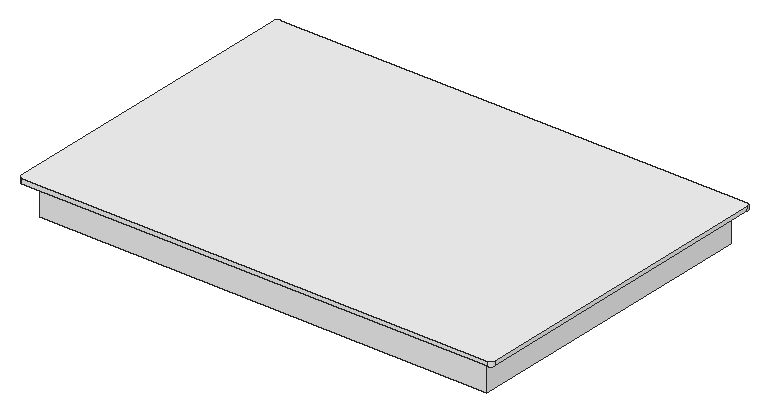
Revit family "Qf_Summit_SINC4B302W_30 inches 208-240V 4-Zone Induction Cooktop", category Specialty Equipment, Revit 2020
Family settings
  Round Connector Dimension = Use Diameter
  Part Type = Normal
  Work Plane-Based = No
  Always vertical = Yes
  Cut with Voids When Loaded = No
  Shared = No
  Room Calculation Point = No
Parameters
  Weight in Pounds = 30
  Watts = FL Amps * Volts  # 7200 W
  Volts = 240 V
  URL Cutsheet = ""
  Specification by User = ""
  Specification by Manufacturer = ""
  Show Clearance [instance] = yes
  Serial Number = ""
  Seismic Rating = ""
  SMACNA No = ""
  Revision Code = ""
  Phase = 1
  Number of Poles = 1
  NAFEM Spec ID Number = ""
  Model = "SINC4B302W"
  Min Ckt Ampacity = 0 A
  Max Overcurrent Protection = 0 A
  Masterspec = ""
  Manufacturer = "Summit"
  Length = 30"
  Item Number = ""
  Installed By = ""
  Identify Quantity as Lot = yes
  Height = 2"
  HP = ""
  Furnished By = ""
  Foodservice Equipment Identifier = yes
  FL Amps = 30 A
  Electrical Remarks = ""
  Electric Connection Type = ""
  Elec Conn RI Height = 0"
  Elec Conn Connection Height = 0"
  Description = "30\" Wide 208-240V 4-Zone Induction Cooktop"
  Depth = 20 1/2"
  Default Elevation = 0"
  Cycle = 60 Hz
  Conn Plug = ""
  Conn Conduit = yes
  CSI MasterFormat = ""
  Apparent Power = 828 VA
Reference planes (in)
  plane 1: z = 0
  plane 2 "LEFT": x = 0
  plane 3 "RIGHT": x = 30
  plane 4 "FRONT": y = -21.25
  plane 5 "TOP": z = 2
  plane 6 "Center Y": x = 15
  plane 7 "Center X": y = -11
  plane 8 "BACK": y = -0.75
  plane 9: z = 2.25
  plane 10: y = -1.3125
  plane 11: y = -20.5625
  plane 12: x = 29.625
  plane 13: x = 0.625
Forms (in)
  Extrusion 1, solid, material "QF_Plastic_White_Smooth"
    sketch origin (0, 0, 0) x (1, 0, 0) y (0, 1, 0)
      loop
        line (0, -1) -> (0, -20.9375)
        arc (0, -20.9375) -> (0.06782, -21.13949) -> (0.25, -21.25) r 0.31002
        line (0.25, -21.25) -> (29.75, -21.25)
        arc (29.75, -21.25) -> (29.93218, -21.13949) -> (30, -20.9375) r 0.31002
        line (30, -20.9375) -> (30, -1)
        arc (30, -1) -> (29.92678, -0.82322) -> (29.75, -0.75) r 0.25
        line (29.75, -0.75) -> (0.25, -0.75)
        arc (0.25, -0.75) -> (0.07322, -0.82322) -> (0, -1) r 0.25
    from 2 to 2.25
  Extrusion 2, solid, material "QF_Plastic_White_Smooth"
    sketch origin (0, 0, 0) x (1, 0, 0) y (0, 1, 0)
      loop
        line (0.8125, -20.5625) -> (29.1875, -20.5625) -> (29.1875, -1.3125) -> (0.8125, -1.3125) -> (0.8125, -20.5625)
    from 0 to 2
  Extrusion 3, solid, material "QF_Plastic_White_Smooth"
    sketch origin (1.75, -19.5, 18.75) x (1, 0, 0) y (0, 0, 1)
      loop
        circle (13.25, -17.80912) r 0.25
    from -18.75 to -18.1875
Cuts and joins
  joined: Extrusion 2, Extrusion 3
Lines and regions (in)
  Split face 1
    outline origin (1.25, 0, 2.25) x (1, 0, 0) y (0, 1, 0)
      loop
        circle (6, -13.75) r 4.125
  Split face 2
    outline origin (10, 7.46819, 2.25) x (1, 0, 0) y (0, 1, 0)
      loop
        circle (12.75, -13.75) r 4.125
  Split face 3
    outline origin (10, -1.375, 2.25) x (1, 0, 0) y (0, 1, 0)
      loop
        circle (12.75, -13.375) r 3.125
  Split face 4
    outline origin (1.25, 8.125, 2.25) x (1, 0, 0) y (0, 1, 0)
      loop
        circle (6, -13.375) r 3.125
  Split face 5
    outline origin (-0.24681, -0.05918, 2.25) x (1, 0, 0) y (0, 1, 0)
      loop
        arc (1.46084, -1.96656) -> (1.33611, -1.99586) -> (1.21257, -2.02981) r 3.41796
        line (1.21257, -2.02981) -> (1.21257, -2.25177)
        arc (1.21257, -2.25177) -> (1.29303, -2.28553) -> (1.37512, -2.31512) r 1.69989
        arc (1.37512, -2.31512) -> (1.29445, -2.31552) -> (1.21378, -2.31581) r 56.83919
        arc (1.21378, -2.31581) -> (1.21298, -2.38844) -> (1.21297, -2.46107) r 6.69198
        arc (1.21297, -2.46107) -> (1.33682, -2.46166) -> (1.46067, -2.46155) r 22.00507
        arc (1.46067, -2.46155) -> (1.46144, -2.31385) -> (1.46184, -2.16615) r 57.82097
        arc (1.46184, -2.16615) -> (1.38954, -2.16643) -> (1.31724, -2.16748) r 6.80227
        line (1.31724, -2.16748) -> (1.4612, -2.10932)
        arc (1.4612, -2.10932) -> (1.46177, -2.03794) -> (1.46084, -1.96656) r 3.38174
  Split face 6
    outline origin (1.23704, 0.08205, 2.25) x (1, 0, 0) y (0, 1, 0)
      loop
        line (1.2612, -2.08344) -> (1.2612, -2.60308)
        arc (1.2612, -2.60308) -> (1.32479, -2.60343) -> (1.38839, -2.60265) r 3.58564
        arc (1.38839, -2.60265) -> (1.38862, -2.33138) -> (1.38902, -2.0601) r 439.59498
        arc (1.38902, -2.0601) -> (1.32546, -2.04384) -> (1.26173, -2.02822) r 6.58774
        arc (1.26173, -2.02822) -> (1.26137, -2.05583) -> (1.2612, -2.08344) r 4.03767
  Split face 7
    outline origin (1.77412, 0.08205, 2.25) x (1, 0, 0) y (0, 1, 0)
      loop
        arc (0.90317, -2.07337) -> (0.90314, -2.1399) -> (0.90316, -2.20643) r 115.54921
        line (0.90316, -2.20643) -> (1.02491, -2.23791) -> (1.02559, -2.603) -> (1.15226, -2.60321) -> (1.15226, -2.43703) -> (1.15226, -2.27084) -> (1.27836, -2.30322)
        arc (1.27836, -2.30322) -> (1.27831, -2.23712) -> (1.27838, -2.17101) r 35.6603
        arc (1.27838, -2.17101) -> (1.0906, -2.12286) -> (0.90317, -2.07337) r 27.07295
  Split face 8
    outline origin (1.25, 0, 2.25) x (1, 0, 0) y (0, 1, 0)
      loop
        circle (6, -5.25) r 3.07495
  Split face 9
    outline origin (10, -9.5, 2.25) x (1, 0, 0) y (0, 1, 0)
      loop
        circle (12.75, -5.25) r 2.88432
  Split face 10
    outline origin (-1.5, 0, 2.25) x (1, 0, 0) y (0, 1, 0)
      loop
        circle (24.25, -6.25) r 4.07036
  Split face 11
    outline origin (-10.25, -7.46819, 2.25) x (1, 0, 0) y (0, 1, 0)
      loop
        circle (17.5, -6.25) r 3.8775
  Split face 12
    outline origin (10, -9.5, 2.25) x (1, 0, 0) y (0, 1, 0)
      loop
        circle (12.75, -5.25) r 3.07495
  Split face 13
    outline origin (1.25, 0, 2.25) x (1, 0, 0) y (0, 1, 0)
      loop
        circle (6, -5.25) r 2.9375
  Split face 14
    outline origin (10, -9.5, 2.25) x (1, 0, 0) y (0, 1, 0)
      loop
        circle (12.75, -5.25) r 2.9375
  Split face 15
    outline origin (1.25, 0, 2.25) x (1, 0, 0) y (0, 1, 0)
      loop
        circle (6, -5.25) r 2.88432
  Split face 16
    outline origin (-10.25, -7.5, 2.25) x (1, 0, 0) y (0, 1, 0)
      loop
        circle (17.5, -6.25) r 4.07036
  Split face 17
    outline origin (-1.5, 0, 2.25) x (1, 0, 0) y (0, 1, 0)
      loop
        circle (24.25, -6.25) r 3.81335
  Split face 18
    outline origin (-10.25, -7.5, 2.25) x (1, 0, 0) y (0, 1, 0)
      loop
        circle (17.5, -6.25) r 3.81335
  Split face 19
    outline origin (-1.5, 0.03181, 2.25) x (1, 0, 0) y (0, 1, 0)
      loop
        circle (24.25, -6.25) r 3.8775
  Split face 20
    outline origin (5.12177, 0.99615, 2.25) x (1, 0, 0) y (0, 1, 0)
      loop
        circle (7.5, -19.75) r 0.375
  Split face 21
    outline origin (1.88001, 1.03137, 2.25) x (1, 0, 0) y (0, 1, 0)
      loop
        circle (14.25, -19.75) r 0.375
  Split face 22
    outline origin (3.75, 0, 2.25) x (1, 0, 0) y (0, 1, 0)
      loop
        circle (14.25, -19.75) r 0.375
  Split face 23
    outline origin (4.75, 0, 2.25) x (1, 0, 0) y (0, 1, 0)
      loop
        circle (14.25, -19.75) r 0.375
  Split face 24
    outline origin (5.65298, 0, 2.25) x (1, 0, 0) y (0, 1, 0)
      loop
        circle (13.34702, -19.75) r 0.21256
  Split face 25
    outline origin (4.65298, 0, 2.25) x (1, 0, 0) y (0, 1, 0)
      loop
        circle (13.34702, -19.75) r 0.34194
  Split face 26
    outline origin (17.93326, 1.24215, 2.25) x (0, 1, 0) y (-1, 0, 0)
      loop
        circle (-19.85939, 5.45621) r 0.14044
  Split face 27
    outline origin (17.29383, 1.24215, 2.25) x (0, 1, 0) y (-1, 0, 0)
      loop
        circle (-19.85987, 4.81773) r 0.13153
  Split face 28
    outline origin (17.54915, 1.52122, 2.25) x (0, 1, 0) y (-1, 0, 0)
      loop
        circle (-20.27405, 4.92738) r 0.36076
  Split face 29
    outline origin (4.06852, 1.27737, 2.25) x (1, 0, 0) y (0, 1, 0)
      loop
        circle (12.20621, -19.85939) r 0.14044
  Split face 30
    outline origin (4.70795, 1.27737, 2.25) x (1, 0, 0) y (0, 1, 0)
      loop
        circle (11.56773, -19.85987) r 0.13153
  Split face 31
    outline origin (4.45263, 1.55644, 2.25) x (1, 0, 0) y (0, 1, 0)
      loop
        circle (11.67738, -20.27405) r 0.36076
  Split face 32
    outline origin (4.60819, 0.8548, 2.25) x (1, 0, 0) y (0, 1, 0)
      loop
        circle (13.39074, -20.60504) r 0.33037
  Split face 33
    outline origin (3.88715, 1.25448, 2.25) x (1, 0, 0) y (0, 1, 0)
      loop
        circle (14.11178, -21.00472) r 0.36442
  Split face 34
    outline origin (5.60819, 0.8548, 2.25) x (1, 0, 0) y (0, 1, 0)
      loop
        circle (13.39074, -20.60504) r 0.23196
  Split face 35
    outline origin (4.88715, 1.25448, 2.25) x (1, 0, 0) y (0, 1, 0)
      loop
        circle (14.11178, -21.00472) r 0.36024
  Split face 36
    outline origin (4.5, 0, 2.25) x (1, 0, 0) y (0, 1, 0)
      loop
        circle (7.5, -19.75) r 0.375
  Split face 37
    outline origin (5.40298, 0, 2.25) x (1, 0, 0) y (0, 1, 0)
      loop
        circle (6.59702, -19.75) r 0.34194
  Split face 38
    outline origin (5.35819, 0.8548, 2.25) x (1, 0, 0) y (0, 1, 0)
      loop
        circle (6.64074, -20.60504) r 0.33037
  Split face 39
    outline origin (4.63715, 1.25448, 2.25) x (1, 0, 0) y (0, 1, 0)
      loop
        circle (7.36178, -21.00472) r 0.36442
  Split face 40
    outline origin (3.5, 0, 2.25) x (1, 0, 0) y (0, 1, 0)
      loop
        circle (7.5, -19.75) r 0.375
  Split face 41
    outline origin (4.40298, 0, 2.25) x (1, 0, 0) y (0, 1, 0)
      loop
        circle (6.59702, -19.75) r 0.34194
  Split face 42
    outline origin (4.35819, 0.8548, 2.25) x (1, 0, 0) y (0, 1, 0)
      loop
        circle (6.64074, -20.60504) r 0.33037
  Split face 43
    outline origin (3.63715, 1.25448, 2.25) x (1, 0, 0) y (0, 1, 0)
      loop
        circle (7.36178, -21.00472) r 0.36442
  Split face 44
    outline origin (3.13001, 1.00012, 2.25) x (1, 0, 0) y (0, 1, 0)
      loop
        circle (14.25, -19.75) r 0.375
  Split face 45
    outline origin (5.30432, 0.95258, 2.25) x (1, 0, 0) y (0, 1, 0)
      loop
        circle (12.20621, -19.85939) r 0.14044
  Split face 46
    outline origin (5.94374, 0.95258, 2.25) x (1, 0, 0) y (0, 1, 0)
      loop
        circle (11.56773, -19.85987) r 0.13153
  Split face 47
    outline origin (5.70263, 1.52519, 2.25) x (1, 0, 0) y (0, 1, 0)
      loop
        circle (11.67738, -20.27405) r 0.36076
  Split face 48
    outline origin (-0.61999, 1.00012, 2.25) x (1, 0, 0) y (0, 1, 0)
      loop
        circle (14.5, -19.75) r 0.375
  Split face 49
    outline origin (1.27437, 0.95669, 2.25) x (1, 0, 0) y (0, 1, 0)
      loop
        circle (12.45621, -19.85939) r 0.14044
  Split face 50
    outline origin (1.91379, 0.95669, 2.25) x (1, 0, 0) y (0, 1, 0)
      loop
        circle (11.81773, -19.85987) r 0.13153
  Split face 51
    outline origin (1.95263, 1.52519, 2.25) x (1, 0, 0) y (0, 1, 0)
      loop
        circle (11.92738, -20.27405) r 0.36076
  Split face 52
    outline origin (0.09293, 0.14201, 2.25) x (1, 0, 0) y (0, 1, 0)
      loop
        arc (1.45035, -2.08743) -> (1.39004, -2.1026) -> (1.3299, -2.11842) r 5.81974
        arc (1.3299, -2.11842) -> (1.33022, -2.30502) -> (1.32981, -2.49161) r 48.29115
        arc (1.32981, -2.49161) -> (1.32823, -2.52252) -> (1.31089, -2.54816) r 0.05762
        arc (1.31089, -2.54816) -> (1.29306, -2.52079) -> (1.2934, -2.48813) r 0.05637
        arc (1.2934, -2.48813) -> (1.29083, -2.308) -> (1.29081, -2.12785) r 12.71544
        arc (1.29081, -2.12785) -> (1.23188, -2.14317) -> (1.17301, -2.15869) r 17.52104
        arc (1.17301, -2.15869) -> (1.17253, -2.41223) -> (1.17186, -2.66578) r 348.03451
        arc (1.17186, -2.66578) -> (1.30989, -2.66674) -> (1.44792, -2.66645) r 15.27091
        line (1.44792, -2.66645) -> (1.45035, -2.08743)
  Split face 53
    outline origin (0.44811, 0.23718, 2.25) x (1, 0, 0) y (0, 1, 0)
      loop
        line (1.14948, -2.17108) -> (1.14948, -2.76124) -> (1.25692, -2.76089)
        arc (1.25692, -2.76089) -> (1.25555, -2.68657) -> (1.26038, -2.61239) r 0.88988
        arc (1.26038, -2.61239) -> (1.29041, -2.68456) -> (1.30308, -2.76168) r 0.33829
        arc (1.30308, -2.76168) -> (1.34002, -2.7615) -> (1.37696, -2.76166) r 4.02643
        arc (1.37696, -2.76166) -> (1.39387, -2.66881) -> (1.41201, -2.57619) r 7.17478
        arc (1.41201, -2.57619) -> (1.4152, -2.55677) -> (1.42613, -2.5404) r 0.04662
        arc (1.42613, -2.5404) -> (1.43296, -2.56131) -> (1.43273, -2.5833) r 0.06776
        arc (1.43273, -2.5833) -> (1.43175, -2.67226) -> (1.43133, -2.76122) r 13.87596
        arc (1.43133, -2.76122) -> (1.48729, -2.76138) -> (1.54326, -2.76128) r 12.38941
        line (1.54326, -2.76128) -> (1.54282, -2.07044)
        arc (1.54282, -2.07044) -> (1.48195, -2.08655) -> (1.42074, -2.10133) r 2.87858
        arc (1.42074, -2.10133) -> (1.39325, -2.26302) -> (1.36415, -2.42442) r 16.38927
        arc (1.36415, -2.42442) -> (1.3606, -2.43973) -> (1.34965, -2.451) r 0.02931
        arc (1.34965, -2.451) -> (1.33301, -2.4222) -> (1.32658, -2.38957) r 0.10139
        arc (1.32658, -2.38957) -> (1.29574, -2.26571) -> (1.26551, -2.1417) r 25.67724
        arc (1.26551, -2.1417) -> (1.20754, -2.15659) -> (1.14948, -2.17108) r 9.01053
  Split face 54
    outline origin (0.87019, 0.42511, 2.25) x (1, 0, 0) y (0, 1, 0)
      loop
        line (1.17617, -2.25841) -> (1.17564, -2.9492)
        arc (1.17564, -2.9492) -> (1.23161, -2.9493) -> (1.28758, -2.94915) r 12.39444
        arc (1.28758, -2.94915) -> (1.28714, -2.86011) -> (1.28613, -2.77107) r 14.11448
        arc (1.28613, -2.77107) -> (1.28597, -2.74915) -> (1.29279, -2.72833) r 0.06789
        arc (1.29279, -2.72833) -> (1.30373, -2.74472) -> (1.30691, -2.76416) r 0.04659
        arc (1.30691, -2.76416) -> (1.32503, -2.85676) -> (1.34194, -2.94959) r 7.24307
        arc (1.34194, -2.94959) -> (1.3789, -2.94943) -> (1.41586, -2.94961) r 4.02906
        arc (1.41586, -2.94961) -> (1.42852, -2.87248) -> (1.45855, -2.80032) r 0.3379
        arc (1.45855, -2.80032) -> (1.46336, -2.8745) -> (1.462, -2.94882) r 0.89684
        line (1.462, -2.94882) -> (1.56939, -2.94917) -> (1.56939, -2.35901)
        arc (1.56939, -2.35901) -> (1.51223, -2.34472) -> (1.45516, -2.33007) r 9.14137
        arc (1.45516, -2.33007) -> (1.42403, -2.45748) -> (1.39227, -2.58473) r 26.57935
        arc (1.39227, -2.58473) -> (1.38486, -2.61393) -> (1.3692, -2.63966) r 0.10137
        arc (1.3692, -2.63966) -> (1.35673, -2.62591) -> (1.35478, -2.60745) r 0.0299
        arc (1.35478, -2.60745) -> (1.32565, -2.44852) -> (1.29816, -2.2893) r 15.75488
        arc (1.29816, -2.2893) -> (1.23701, -2.27445) -> (1.17617, -2.25841) r 3.23537
  symbolic lines
    curve 1: line (0, -1, 0) -> (0, -20.9375, 0)
    curve 2: arc (0, -20.9375, 0) -> (0.06782, -21.13949, 0) -> (0.25, -21.25, 0) r 0.31002
    curve 3: line (0.25, -21.25, 0) -> (29.75, -21.25, 0)
    curve 4: arc (29.75, -21.25, 0) -> (29.93218, -21.13949, 0) -> (30, -20.9375, 0) r 0.31002
    curve 5: line (30, -20.9375, 0) -> (30, -1, 0)
    curve 6: arc (30, -1, 0) -> (29.92678, -0.82322, 0) -> (29.75, -0.75, 0) r 0.25
    curve 7: line (29.75, -0.75, 0) -> (0.25, -0.75, 0)
    curve 8: arc (0.25, -0.75, 0) -> (0.07322, -0.82322, 0) -> (0, -1, 0) r 0.25
    curve 9: arc (1.21439, -2.1685, 0) -> (1.21496, -2.09712, 0) -> (1.21403, -2.02574, 0) r 3.38174
    curve 10: arc (1.21403, -2.02574, 0) -> (1.0893, -2.05504, 0) -> (0.96576, -2.08899, 0) r 3.41796
    curve 11: line (0.96576, -2.08899, 0) -> (0.96576, -2.31095, 0)
    curve 12: arc (0.96576, -2.31095, 0) -> (1.04622, -2.34471, 0) -> (1.1283, -2.3743, 0) r 1.69989
    curve 13: arc (1.1283, -2.3743, 0) -> (1.04764, -2.3747, 0) -> (0.96697, -2.37499, 0) r 56.83919
    curve 14: arc (0.96697, -2.37499, 0) -> (0.96617, -2.44762, 0) -> (0.96616, -2.52025, 0) r 6.69198
    curve 15: arc (0.96616, -2.52025, 0) -> (1.09001, -2.52084, 0) -> (1.21386, -2.52073, 0) r 22.00507
    curve 16: arc (1.21386, -2.52073, 0) -> (1.21463, -2.37303, 0) -> (1.21503, -2.22533, 0) r 57.82097
    curve 17: arc (1.21503, -2.22533, 0) -> (1.14273, -2.22561, 0) -> (1.07043, -2.22666, 0) r 6.80227
    curve 18: line (1.07043, -2.22666, 0) -> (1.21439, -2.1685, 0)
    curve 19: arc (1.26479, -2.52377, 0) -> (1.26546, -2.27022, 0) -> (1.26594, -2.01667, 0) r 348.03451
    curve 20: arc (1.26594, -2.01667, 0) -> (1.32481, -2.00116, 0) -> (1.38374, -1.98584, 0) r 17.52104
    curve 21: arc (1.38374, -1.98584, 0) -> (1.38376, -2.16539, 0) -> (1.38633, -2.34492, 0) r 12.59044
    curve 22: arc (1.38633, -2.34492, 0) -> (1.38552, -2.37848, 0) -> (1.40382, -2.40663, 0) r 0.05674
    curve 23: arc (1.40382, -2.40663, 0) -> (1.42171, -2.38004, 0) -> (1.42274, -2.34801, 0) r 0.05799
    curve 24: arc (1.42274, -2.34801, 0) -> (1.42314, -2.16221, 0) -> (1.42282, -1.97641, 0) r 48.29115
    curve 25: arc (1.42282, -1.97641, 0) -> (1.48297, -1.96059, 0) -> (1.54328, -1.94542, 0) r 5.81974
    curve 26: line (1.54328, -1.94542, 0) -> (1.54085, -2.52444, 0)
    curve 27: arc (1.54085, -2.52444, 0) -> (1.40282, -2.52473, 0) -> (1.26479, -2.52377, 0) r 15.27091
    curve 28: line (1.59758, -1.9339, 0) -> (1.59758, -2.52406, 0)
    curve 29: line (1.59758, -2.52406, 0) -> (1.70502, -2.52371, 0)
    curve 30: arc (1.70502, -2.52371, 0) -> (1.70365, -2.44939, 0) -> (1.70849, -2.37521, 0) r 0.88988
    curve 31: arc (1.70849, -2.37521, 0) -> (1.73852, -2.44738, 0) -> (1.75118, -2.5245, 0) r 0.33829
    curve 32: arc (1.75118, -2.5245, 0) -> (1.78812, -2.52432, 0) -> (1.82507, -2.52448, 0) r 4.02643
    curve 33: arc (1.82507, -2.52448, 0) -> (1.84198, -2.43163, 0) -> (1.86011, -2.33901, 0) r 7.17478
    curve 34: arc (1.86011, -2.33901, 0) -> (1.86331, -2.31959, 0) -> (1.87423, -2.30322, 0) r 0.04662
    curve 35: arc (1.87423, -2.30322, 0) -> (1.88106, -2.32409, 0) -> (1.88085, -2.34604, 0) r 0.06776
    curve 36: arc (1.88085, -2.34604, 0) -> (1.87986, -2.43504, 0) -> (1.87944, -2.52404, 0) r 13.75096
    curve 37: arc (1.87944, -2.52404, 0) -> (1.9354, -2.5242, 0) -> (1.99136, -2.52409, 0) r 12.38941
    curve 38: line (1.99136, -2.52409, 0) -> (1.99092, -1.83326, 0)
    curve 39: arc (1.99092, -1.83326, 0) -> (1.93005, -1.84937, 0) -> (1.86884, -1.86415, 0) r 2.87858
    curve 40: arc (1.86884, -1.86415, 0) -> (1.84136, -2.02584, 0) -> (1.81226, -2.18724, 0) r 16.38927
    curve 41: arc (1.81226, -2.18724, 0) -> (1.80871, -2.20255, 0) -> (1.79776, -2.21382, 0) r 0.02931
    curve 42: arc (1.79776, -2.21382, 0) -> (1.78111, -2.18502, 0) -> (1.77469, -2.15239, 0) r 0.10139
    curve 43: arc (1.77469, -2.15239, 0) -> (1.74384, -2.02853, 0) -> (1.71361, -1.90452, 0) r 25.67724
    curve 44: arc (1.71361, -1.90452, 0) -> (1.65565, -1.9194, 0) -> (1.59758, -1.9339, 0) r 9.01053
    curve 45: line (2.04583, -2.52409, 0) -> (2.04636, -1.8333, 0)
    curve 46: arc (2.04636, -1.8333, 0) -> (2.10721, -1.84934, 0) -> (2.16835, -1.8642, 0) r 3.23537
    curve 47: arc (2.16835, -1.8642, 0) -> (2.19584, -2.02463, 0) -> (2.22497, -2.18477, 0) r 15.87817
    curve 48: arc (2.22497, -2.18477, 0) -> (2.22775, -2.2016, 0) -> (2.23939, -2.21408, 0) r 0.02948
    curve 49: arc (2.23939, -2.21408, 0) -> (2.25554, -2.18681, 0) -> (2.26246, -2.15587, 0) r 0.10107
    curve 50: arc (2.26246, -2.15587, 0) -> (2.29377, -2.03038, 0) -> (2.32447, -1.90474, 0) r 26.57843
    curve 51: arc (2.32447, -1.90474, 0) -> (2.38198, -1.91951, 0) -> (2.43958, -1.9339, 0) r 9.14137
    curve 52: line (2.43958, -1.9339, 0) -> (2.43958, -2.52406, 0)
    curve 53: line (2.43958, -2.52406, 0) -> (2.3322, -2.52371, 0)
    curve 54: arc (2.3322, -2.52371, 0) -> (2.33351, -2.44945, 0) -> (2.32868, -2.37533, 0) r 0.89681
    curve 55: arc (2.32868, -2.37533, 0) -> (2.29869, -2.44744, 0) -> (2.28606, -2.5245, 0) r 0.3379
    curve 56: arc (2.28606, -2.5245, 0) -> (2.2491, -2.52432, 0) -> (2.21213, -2.52448, 0) r 4.02906
    curve 57: arc (2.21213, -2.52448, 0) -> (2.19522, -2.43165, 0) -> (2.17711, -2.33905, 0) r 7.24307
    curve 58: arc (2.17711, -2.33905, 0) -> (2.17392, -2.31961, 0) -> (2.16298, -2.30322, 0) r 0.04659
    curve 59: arc (2.16298, -2.30322, 0) -> (2.15616, -2.32405, 0) -> (2.15633, -2.34596, 0) r 0.06789
    curve 60: arc (2.15633, -2.34596, 0) -> (2.15733, -2.435, 0) -> (2.15777, -2.52404, 0) r 14.11448
    curve 61: arc (2.15777, -2.52404, 0) -> (2.1018, -2.5242, 0) -> (2.04583, -2.52409, 0) r 12.39444
    curve 62: line (2.49824, -2.00139, 0) -> (2.49824, -2.52103, 0)
    curve 63: arc (2.49824, -2.52103, 0) -> (2.56183, -2.52138, 0) -> (2.62543, -2.5206, 0) r 3.58564
    curve 64: arc (2.62543, -2.5206, 0) -> (2.62566, -2.24932, 0) -> (2.62606, -1.97805, 0) r 439.59498
    curve 65: arc (2.62606, -1.97805, 0) -> (2.5625, -1.96179, 0) -> (2.49877, -1.94617, 0) r 6.58774
    curve 66: arc (2.49877, -1.94617, 0) -> (2.49841, -1.97378, 0) -> (2.49824, -2.00139, 0) r 4.03767
    curve 67: line (2.79903, -2.15586, 0) -> (2.7997, -2.52095, 0)
    curve 68: line (2.7997, -2.52095, 0) -> (2.92638, -2.52116, 0)
    curve 69: line (2.92638, -2.52116, 0) -> (2.92638, -2.35498, 0)
    curve 70: line (2.92638, -2.35498, 0) -> (2.92638, -2.18879, 0)
    curve 71: line (2.92638, -2.18879, 0) -> (3.05247, -2.22117, 0)
    curve 72: arc (3.05247, -2.22117, 0) -> (3.05242, -2.15417, 0) -> (3.0525, -2.08717, 0) r 35.6603
    curve 73: arc (3.0525, -2.08717, 0) -> (2.86472, -2.03992, 0) -> (2.67728, -1.99132, 0) r 27.04087
    curve 74: arc (2.67728, -1.99132, 0) -> (2.67726, -2.05785, 0) -> (2.67727, -2.12437, 0) r 115.54921
    curve 75: line (2.67727, -2.12437, 0) -> (2.79903, -2.15586, 0)
    curve 76: arc (10.13432, -5.25, 0) -> (7.25, -2.36568, 0) -> (4.36568, -5.25, 0) r 2.88432
    curve 77: arc (4.36568, -5.25, 0) -> (7.25, -8.13432, 0) -> (10.13432, -5.25, 0) r 2.88432
    curve 78: arc (10.32495, -5.25, 0) -> (7.25, -2.17505, 0) -> (4.17505, -5.25, 0) r 3.07495
    curve 79: arc (4.17505, -5.25, 0) -> (7.25, -8.32495, 0) -> (10.32495, -5.25, 0) r 3.07495
    curve 80: arc (4.125, -5.25, 0) -> (7.25, -2.125, 0) -> (10.375, -5.25, 0) r 3.125
    curve 81: arc (10.375, -5.25, 0) -> (7.25, -8.375, 0) -> (4.125, -5.25, 0) r 3.125
    curve 82: arc (4.3125, -5.25, 0) -> (7.25, -2.3125, 0) -> (10.1875, -5.25, 0) r 2.9375
    curve 83: arc (10.1875, -5.25, 0) -> (7.25, -8.1875, 0) -> (4.3125, -5.25, 0) r 2.9375
    curve 84: arc (3.43665, -13.75, 0) -> (7.25, -17.56335, 0) -> (11.06335, -13.75, 0) r 3.81335
    curve 85: arc (11.06335, -13.75, 0) -> (7.25, -9.93665, 0) -> (3.43665, -13.75, 0) r 3.81335
    curve 86: arc (11.1275, -13.71819, 0) -> (7.25, -17.59569, 0) -> (3.3725, -13.71819, 0) r 3.8775
    curve 87: arc (3.3725, -13.71819, 0) -> (7.25, -9.84069, 0) -> (11.1275, -13.71819, 0) r 3.8775
    curve 88: arc (3.125, -13.75, 0) -> (7.25, -17.875, 0) -> (11.375, -13.75, 0) r 4.125
    curve 89: arc (11.375, -13.75, 0) -> (7.25, -9.625, 0) -> (3.125, -13.75, 0) r 4.125
    curve 90: arc (3.17964, -13.75, 0) -> (7.25, -17.82036, 0) -> (11.32036, -13.75, 0) r 4.07036
    curve 91: arc (11.32036, -13.75, 0) -> (7.25, -9.67964, 0) -> (3.17964, -13.75, 0) r 4.07036
    curve 92: arc (25.875, -14.75, 0) -> (22.75, -17.875, 0) -> (19.625, -14.75, 0) r 3.125
    curve 93: arc (19.625, -14.75, 0) -> (22.75, -11.625, 0) -> (25.875, -14.75, 0) r 3.125
    curve 94: arc (19.67505, -14.75, 0) -> (22.75, -17.82495, 0) -> (25.82495, -14.75, 0) r 3.07495
    curve 95: arc (25.82495, -14.75, 0) -> (22.75, -11.67505, 0) -> (19.67505, -14.75, 0) r 3.07495
    curve 96: arc (25.6875, -14.75, 0) -> (22.75, -17.6875, 0) -> (19.8125, -14.75, 0) r 2.9375
    curve 97: arc (19.8125, -14.75, 0) -> (22.75, -11.8125, 0) -> (25.6875, -14.75, 0) r 2.9375
    curve 98: arc (19.86568, -14.75, 0) -> (22.75, -17.63432, 0) -> (25.63432, -14.75, 0) r 2.88432
    curve 99: arc (25.63432, -14.75, 0) -> (22.75, -11.86568, 0) -> (19.86568, -14.75, 0) r 2.88432
    curve 100: arc (26.875, -6.28181, 0) -> (22.75, -10.40681, 0) -> (18.625, -6.28181, 0) r 4.125
    curve 101: arc (18.625, -6.28181, 0) -> (22.75, -2.15681, 0) -> (26.875, -6.28181, 0) r 4.125
    curve 102: arc (18.67964, -6.25, 0) -> (22.75, -10.32036, 0) -> (26.82036, -6.25, 0) r 4.07036
    curve 103: arc (26.82036, -6.25, 0) -> (22.75, -2.17964, 0) -> (18.67964, -6.25, 0) r 4.07036
    curve 104: arc (26.56335, -6.25, 0) -> (22.75, -10.06335, 0) -> (18.93665, -6.25, 0) r 3.81335
    curve 105: arc (18.93665, -6.25, 0) -> (22.75, -2.43665, 0) -> (26.56335, -6.25, 0) r 3.81335
    curve 106: arc (26.6275, -6.21819, 0) -> (22.75, -10.09569, 0) -> (18.8725, -6.21819, 0) r 3.8775
    curve 107: arc (18.8725, -6.21819, 0) -> (22.75, -2.34069, 0) -> (26.6275, -6.21819, 0) r 3.8775
    curve 108: line (16.375, -19.39845, 0) -> (13.375, -19.63609, 0)
    curve 109: line (13.375, -19.63609, 0) -> (13.375, -19.75, 0)
    curve 110: line (13.375, -19.75, 0) -> (16.375, -19.75, 0)
    curve 111: line (16.375, -19.75, 0) -> (16.375, -19.39845, 0)
    curve 112: arc (10.65806, -19.75, 0) -> (11, -19.40806, 0) -> (11.34194, -19.75, 0) r 0.34194
    curve 113: arc (10.66856, -19.75024, 0) -> (10.99893, -20.08061, 0) -> (11.3293, -19.75024, 0) r 0.33037
    curve 114: arc (11.3293, -19.75024, 0) -> (10.99893, -19.41987, 0) -> (10.66856, -19.75024, 0) r 0.33037
    curve 115: arc (10.625, -19.75, 0) -> (11, -20.125, 0) -> (11.375, -19.75, 0) r 0.375
    curve 116: arc (11.375, -19.75, 0) -> (11, -19.375, 0) -> (10.625, -19.75, 0) r 0.375
    curve 117: arc (10.63451, -19.75024, 0) -> (10.99893, -20.11466, 0) -> (11.36334, -19.75024, 0) r 0.36442
    curve 118: arc (11.36334, -19.75024, 0) -> (10.99893, -19.38582, 0) -> (10.63451, -19.75024, 0) r 0.36442
    curve 119: arc (10.65806, -19.75, 0) -> (11, -20.09194, 0) -> (11.34194, -19.75, 0) r 0.34194
    curve 120: arc (12.375, -19.75, 0) -> (12, -20.125, 0) -> (11.625, -19.75, 0) r 0.375
    curve 121: arc (11.625, -19.75, 0) -> (12, -19.375, 0) -> (12.375, -19.75, 0) r 0.375
    curve 122: arc (12.34194, -19.75, 0) -> (12, -20.09194, 0) -> (11.65806, -19.75, 0) r 0.34194
    curve 123: arc (11.65806, -19.75, 0) -> (12, -19.40806, 0) -> (12.34194, -19.75, 0) r 0.34194
    curve 124: arc (11.63451, -19.75024, 0) -> (11.99893, -20.11466, 0) -> (12.36334, -19.75024, 0) r 0.36442
    curve 125: arc (12.36334, -19.75024, 0) -> (11.99893, -19.38582, 0) -> (11.63451, -19.75024, 0) r 0.36442
    curve 126: arc (11.66856, -19.75024, 0) -> (11.99893, -20.08061, 0) -> (12.3293, -19.75024, 0) r 0.33037
    curve 127: arc (12.3293, -19.75024, 0) -> (11.99893, -19.41987, 0) -> (11.66856, -19.75024, 0) r 0.33037
    curve 128: arc (12.47704, -18.4768, 0) -> (12.61749, -18.61725, 0) -> (12.47704, -18.75769, 0) r 0.14044
    curve 129: arc (12.47704, -18.75769, 0) -> (12.3366, -18.61725, 0) -> (12.47704, -18.4768, 0) r 0.14044
    curve 130: arc (12.4761, -18.74926, 0) -> (12.60764, -18.61772, 0) -> (12.4761, -18.48619, 0) r 0.13153
    curve 131: arc (12.4761, -18.48619, 0) -> (12.34457, -18.61772, 0) -> (12.4761, -18.74926, 0) r 0.13153
    curve 132: arc (12.62177, -19.11359, 0) -> (12.98253, -18.75283, 0) -> (12.62177, -18.39207, 0) r 0.36076
    curve 133: arc (12.62177, -18.39207, 0) -> (12.26101, -18.75283, 0) -> (12.62177, -19.11359, 0) r 0.36076
    curve 134: arc (12.24677, -18.75385, 0) -> (12.62177, -18.37885, 0) -> (12.99677, -18.75385, 0) r 0.375
    curve 135: arc (12.99677, -18.75385, 0) -> (12.62177, -19.12885, 0) -> (12.24677, -18.75385, 0) r 0.375
    curve 136: arc (13.86305, -18.90317, 0) -> (13.73152, -18.77164, 0) -> (13.59999, -18.90317, 0) r 0.13153
    curve 137: arc (13.59999, -18.90317, 0) -> (13.73152, -19.03471, 0) -> (13.86305, -18.90317, 0) r 0.13153
    curve 138: arc (13.59014, -18.9027, 0) -> (13.73058, -18.76225, 0) -> (13.87102, -18.9027, 0) r 0.14044
    curve 139: arc (13.87102, -18.9027, 0) -> (13.73058, -19.04314, 0) -> (13.59014, -18.9027, 0) r 0.14044
    curve 140: arc (13.51925, -18.74886, 0) -> (13.88001, -19.10962, 0) -> (14.24077, -18.74886, 0) r 0.36076
    curve 141: arc (14.24077, -18.74886, 0) -> (13.88001, -18.3881, 0) -> (13.51925, -18.74886, 0) r 0.36076
    curve 142: arc (14.25501, -18.74988, 0) -> (13.88001, -19.12488, 0) -> (13.50501, -18.74988, 0) r 0.375
    curve 143: arc (13.50501, -18.74988, 0) -> (13.88001, -18.37488, 0) -> (14.25501, -18.74988, 0) r 0.375
    curve 144: line (16.375, -19.39845, 0) -> (13.375, -19.63609, 0)
    curve 145: line (13.375, -19.63609, 0) -> (13.375, -19.75, 0)
    curve 146: line (13.375, -19.75, 0) -> (16.375, -19.75, 0)
    curve 147: line (16.375, -19.75, 0) -> (16.375, -19.39845, 0)
    curve 148: arc (16.49077, -18.71761, 0) -> (16.13001, -18.35685, 0) -> (15.76925, -18.71761, 0) r 0.36076
    curve 149: arc (15.76925, -18.71761, 0) -> (16.13001, -19.07837, 0) -> (16.49077, -18.71761, 0) r 0.36076
    curve 150: arc (15.75501, -18.71863, 0) -> (16.13001, -18.34363, 0) -> (16.50501, -18.71863, 0) r 0.375
    curve 151: arc (16.50501, -18.71863, 0) -> (16.13001, -19.09363, 0) -> (15.75501, -18.71863, 0) r 0.375
    curve 152: arc (16.41518, -18.58203, 0) -> (16.27474, -18.72247, 0) -> (16.13429, -18.58203, 0) r 0.14044
    curve 153: arc (16.13429, -18.58203, 0) -> (16.27474, -18.44158, 0) -> (16.41518, -18.58203, 0) r 0.14044
    curve 154: arc (16.14414, -18.5825, 0) -> (16.27568, -18.71404, 0) -> (16.40721, -18.5825, 0) r 0.13153
    curve 155: arc (16.40721, -18.5825, 0) -> (16.27568, -18.45097, 0) -> (16.14414, -18.5825, 0) r 0.13153
    curve 156: arc (17.01925, -18.74886, 0) -> (17.38001, -19.10962, 0) -> (17.74077, -18.74886, 0) r 0.36076
    curve 157: arc (17.74077, -18.74886, 0) -> (17.38001, -18.3881, 0) -> (17.01925, -18.74886, 0) r 0.36076
    curve 158: arc (17.75501, -18.74988, 0) -> (17.38001, -19.12488, 0) -> (17.00501, -18.74988, 0) r 0.375
    curve 159: arc (17.00501, -18.74988, 0) -> (17.38001, -18.37488, 0) -> (17.75501, -18.74988, 0) r 0.375
    curve 160: arc (17.64301, -18.90729, 0) -> (17.51147, -18.77576, 0) -> (17.37994, -18.90729, 0) r 0.13153
    curve 161: arc (17.37994, -18.90729, 0) -> (17.51147, -19.03882, 0) -> (17.64301, -18.90729, 0) r 0.13153
    curve 162: arc (17.37009, -18.90682, 0) -> (17.51053, -19.04726, 0) -> (17.65098, -18.90682, 0) r 0.14044
    curve 163: arc (17.65098, -18.90682, 0) -> (17.51053, -18.76637, 0) -> (17.37009, -18.90682, 0) r 0.14044
    curve 164: arc (18.3293, -19.75024, 0) -> (17.99893, -19.41987, 0) -> (17.66856, -19.75024, 0) r 0.33037
    curve 165: arc (17.66856, -19.75024, 0) -> (17.99893, -20.08061, 0) -> (18.3293, -19.75024, 0) r 0.33037
    curve 166: arc (17.65806, -19.75, 0) -> (18, -19.40806, 0) -> (18.34194, -19.75, 0) r 0.34194
    curve 167: arc (18.34194, -19.75, 0) -> (18, -20.09194, 0) -> (17.65806, -19.75, 0) r 0.34194
    curve 168: arc (17.625, -19.75, 0) -> (18, -19.375, 0) -> (18.375, -19.75, 0) r 0.375
    curve 169: arc (18.375, -19.75, 0) -> (18, -20.125, 0) -> (17.625, -19.75, 0) r 0.375
    curve 170: arc (18.36334, -19.75024, 0) -> (17.99893, -19.38582, 0) -> (17.63451, -19.75024, 0) r 0.36442
    curve 171: arc (17.63451, -19.75024, 0) -> (17.99893, -20.11466, 0) -> (18.36334, -19.75024, 0) r 0.36442
    curve 172: arc (19.35917, -19.75024, 0) -> (18.99893, -19.39, 0) -> (18.63869, -19.75024, 0) r 0.36024
    curve 173: arc (18.63869, -19.75024, 0) -> (18.99893, -20.11048, 0) -> (19.35917, -19.75024, 0) r 0.36024
    curve 174: arc (18.625, -19.75, 0) -> (19, -19.375, 0) -> (19.375, -19.75, 0) r 0.375
    curve 175: arc (19.375, -19.75, 0) -> (19, -20.125, 0) -> (18.625, -19.75, 0) r 0.375
    curve 176: arc (18.78744, -19.75, 0) -> (19, -19.53744, 0) -> (19.21256, -19.75, 0) r 0.21256
    curve 177: arc (19.21256, -19.75, 0) -> (19, -19.96256, 0) -> (18.78744, -19.75, 0) r 0.21256
    curve 178: arc (18.76697, -19.75024, 0) -> (18.99893, -19.51828, 0) -> (19.23089, -19.75024, 0) r 0.23196
    curve 179: arc (19.23089, -19.75024, 0) -> (18.99893, -19.9822, 0) -> (18.76697, -19.75024, 0) r 0.23196
Dimensions and locks (in)
  equal spacing: plane 2 "LEFT", plane 6 "Center Y", plane 3 "RIGHT"
  "Length": plane 2 "LEFT" to plane 3 "RIGHT"
  equal spacing: plane 4 "FRONT", plane 7 "Center X", plane 8 "BACK"
  "Height": plane 5 "TOP" to level
  plane 5 "TOP" to level = 2"
  "Depth": plane 4 "FRONT" to plane 8 "BACK"
  plane 9 to plane 5 "TOP" = 1/4"
  plane 3 "RIGHT" to plane 2 "LEFT" = 30"
  plane 10 to plane 11 = 19 1/4"
  locked: plane 11 to plane 4 "FRONT" at 0.6875
  plane 12 to plane 13 = 29"
  aligned and locked: level to plane 1
  aligned and locked: plane 5 "TOP" to Extrusion 2
  aligned and locked: Extrusion 1 to plane 5 "TOP"
  aligned and locked: Extrusion 1 to plane 9
  aligned and locked: Extrusion 3 to plane 8 "BACK"
  aligned and locked: plane 10 to Extrusion 3
Automatic sketch dimensions
  Extrusion 1 sketch curve to plane 2 "LEFT" = 0"
  plane 4 "FRONT" to Extrusion 1 sketch curve = 0"
  plane 8 "BACK" to Extrusion 1 sketch curve = 0"
  Extrusion 1 sketch curve to plane 3 "RIGHT" = 0"
  plane 2 "LEFT" to Extrusion 1 sketch curve = 1/4"  (x2)
  Extrusion 1 sketch curve to plane 4 "FRONT" = 0.30417"  (x2)
  plane 2 "LEFT" to Extrusion 1 sketch curve = 0.3099"
  plane 3 "RIGHT" to Extrusion 1 sketch curve = 0.3099"
  plane 3 "RIGHT" to Extrusion 1 sketch curve = 1/4"  (x2)
  Extrusion 2 sketch curve to plane 11 = 0"
  plane 10 to Extrusion 2 sketch curve = 0"
  Split face 1 sketch curve to Extrusion 1 = 7 1/4"
  Split face 1 sketch curve to Extrusion 1 = 7 1/2"
  Split face 2 sketch curve to Extrusion 1 = 7 1/4"
  Split face 2 sketch curve to Extrusion 1 = 5.53181"
  Split face 3 sketch curve to Extrusion 1 = 7 1/4"
  Split face 3 sketch curve to Extrusion 1 = 6 1/2"
  Split face 4 sketch curve to Extrusion 1 = 7 1/4"
  Split face 4 sketch curve to Extrusion 1 = 4 1/2"
  Split face 5 sketch curve to Extrusion 1 = 1.39285"
  Extrusion 1 to Split face 5 sketch curve = 56.60588"
  Extrusion 1 to Split face 5 sketch curve = 2.16677"
  Split face 5 sketch curve to Extrusion 1 = 0.8033"
  Split face 5 sketch curve to Extrusion 1 = 0.96576"
  Split face 5 sketch curve to Split face 5 sketch curve = 0.10467"
  Split face 5 sketch curve to Extrusion 1 = 1.13258"
  Split face 5 sketch curve to Extrusion 1 = 1.20533"
  Split face 5 sketch curve to Split face 5 sketch curve = 0.14396"
  Split face 5 sketch curve to Extrusion 1 = 0.01083"
  Split face 5 sketch curve to Split face 5 sketch curve = 0.44906"
  Split face 5 sketch curve to Extrusion 1 = 1.93316"
  Split face 5 sketch curve to Extrusion 1 = 1.73479"
  Split face 5 sketch curve to Split face 5 sketch curve = 5.99459"
  Split face 5 sketch curve to Split face 5 sketch curve = 4.60636"
  Split face 5 sketch curve to Split face 5 sketch curve = 3.6604"
  Split face 5 sketch curve to Extrusion 1 = 1.56095"
  Split face 5 sketch curve to Split face 5 sketch curve = 0.08429"
  Split face 5 sketch curve to Split face 5 sketch curve = 0.05817"
  Split face 5 sketch curve to Extrusion 1 = 1.35575"
  Split face 5 sketch curve to Split face 5 sketch curve = 0.13767"
  Extrusion 1 to Split face 5 sketch curve = 20.23418"
  Split face 5 sketch curve to Split face 5 sketch curve = 34.97978"
  Split face 5 sketch curve to Split face 5 sketch curve = 0.0004"
  Split face 5 sketch curve to Split face 5 sketch curve = 0.00121"
  Split face 5 sketch curve to Split face 5 sketch curve = 0.05788"
  Split face 5 sketch curve to Split face 5 sketch curve = 0.08555"
  Split face 6 sketch curve to Extrusion 1 = 0.96199"
  Split face 6 sketch curve to Extrusion 1 = 1.77103"
  Split face 6 sketch curve to Extrusion 1 = 2.49824"
  Split face 6 sketch curve to Extrusion 1 = 2.54975"
  Split face 6 sketch curve to Extrusion 1 = 1.26285"
  Split face 6 sketch curve to Split face 6 sketch curve = 4.03765"
  Split face 6 sketch curve to Extrusion 1 = 2.01543"
  Extrusion 1 to Split face 6 sketch curve = 412.22034"
  Split face 6 sketch curve to Split face 6 sketch curve = 5.83113"
  Split face 6 sketch curve to Split face 6 sketch curve = 0.51964"
  Extrusion 1 to Split face 6 sketch curve = 1.81424"
  Split face 6 sketch curve to Split face 6 sketch curve = 0.00053"
  Split face 6 sketch curve to Split face 6 sketch curve = 0.12719"
  Split face 7 sketch curve to Extrusion 1 = 1.37437"
  Split face 7 sketch curve to Extrusion 1 = 2.67727"
  Split face 7 sketch curve to Split face 7 sketch curve = 0.12176"
  Split face 7 sketch curve to Split face 7 sketch curve = 0.00067"
  Split face 7 sketch curve to Split face 7 sketch curve = 0.12668"
  Split face 7 sketch curve to Extrusion 1 = 1.47117"
  Split face 7 sketch curve to Split face 7 sketch curve = 0.12609"
  Split face 7 sketch curve to Extrusion 1 = 9.68268"
  Split face 7 sketch curve to Extrusion 1 = 1.41114"
  Extrusion 1 to Split face 7 sketch curve = 8.71273"
  Split face 7 sketch curve to Extrusion 1 = 1.31695"
  Split face 7 sketch curve to Split face 7 sketch curve = 79.51374"
  Split face 7 sketch curve to Split face 7 sketch curve = 0.1338"
  Split face 7 sketch curve to Split face 7 sketch curve = 0.16598"
  Split face 7 sketch curve to Split face 7 sketch curve = 0.00021"
  Split face 7 sketch curve to Split face 7 sketch curve = 0.03238"
  Split face 7 sketch curve to Split face 7 sketch curve = 0.03148"
  Extrusion 1 to Split face 7 sketch curve = 24.90957"
  Split face 7 sketch curve to Split face 7 sketch curve = 0"
  Split face 8 sketch curve to Extrusion 1 = 7 1/4"
  Split face 8 sketch curve to Extrusion 1 = 4 1/2"
  Split face 9 sketch curve to Extrusion 1 = 7 1/4"
  Split face 9 sketch curve to Extrusion 1 = 6 1/2"
  Split face 10 sketch curve to Extrusion 1 = 7 1/4"
  Split face 10 sketch curve to Extrusion 1 = 5 1/2"
  Split face 11 sketch curve to Extrusion 1 = 7 1/4"
  Split face 11 sketch curve to Extrusion 1 = 7.53181"
  Split face 12 sketch curve to Extrusion 1 = 7 1/4"
  Split face 12 sketch curve to Extrusion 1 = 6 1/2"
  Split face 13 sketch curve to Extrusion 1 = 7 1/4"
  Split face 13 sketch curve to Extrusion 1 = 4 1/2"
  Split face 14 sketch curve to Extrusion 1 = 7 1/4"
  Split face 14 sketch curve to Extrusion 1 = 6 1/2"
  Split face 15 sketch curve to Extrusion 1 = 7 1/4"
  Split face 15 sketch curve to Extrusion 1 = 4 1/2"
  Split face 16 sketch curve to Extrusion 1 = 7 1/4"
  Split face 16 sketch curve to Extrusion 1 = 7 1/2"
  Split face 17 sketch curve to Extrusion 1 = 7 1/4"
  Split face 17 sketch curve to Extrusion 1 = 5 1/2"
  Split face 18 sketch curve to Extrusion 1 = 7 1/4"
  Split face 18 sketch curve to Extrusion 1 = 7 1/2"
  Split face 19 sketch curve to Extrusion 1 = 7 1/4"
  Split face 19 sketch curve to Extrusion 1 = 5.46819"
  Split face 20 sketch curve to Extrusion 1 = 2.49615"
  Split face 20 sketch curve to Extrusion 1 = 12.62177"
  Split face 21 sketch curve to Extrusion 1 = 2.53137"
  Split face 21 sketch curve to Extrusion 1 = 13.86999"
  Split face 22 sketch curve to Extrusion 1 = 1 1/2"
  Split face 22 sketch curve to Extrusion 1 = 12"
  Split face 23 sketch curve to Extrusion 1 = 1 1/2"
  Split face 23 sketch curve to Extrusion 1 = 11"
  Split face 24 sketch curve to Extrusion 1 = 1 1/2"
  Split face 24 sketch curve to Extrusion 1 = 11"
  Split face 25 sketch curve to Extrusion 1 = 1 1/2"
  Split face 25 sketch curve to Extrusion 1 = 12"
  Split face 26 sketch curve to Extrusion 1 = 2.63275"
  Split face 26 sketch curve to Extrusion 1 = 12.47704"
  Split face 27 sketch curve to Extrusion 1 = 2.63228"
  Split face 27 sketch curve to Extrusion 1 = 12.4761"
  Split face 28 sketch curve to Extrusion 1 = 2.49717"
  Split face 28 sketch curve to Extrusion 1 = 12.62177"
  Split face 29 sketch curve to Extrusion 1 = 2 171/256"
  Split face 29 sketch curve to Extrusion 1 = 13.72526"
  Split face 30 sketch curve to Extrusion 1 = 2.6675"
  Split face 30 sketch curve to Extrusion 1 = 13.72432"
  Split face 31 sketch curve to Extrusion 1 = 2.53239"
  Split face 31 sketch curve to Extrusion 1 = 13.86999"
  Split face 32 sketch curve to Extrusion 1 = 1.49976"
  Split face 32 sketch curve to Extrusion 1 = 12.00107"
  Split face 33 sketch curve to Extrusion 1 = 1.49976"
  Split face 33 sketch curve to Extrusion 1 = 12.00107"
  Split face 34 sketch curve to Extrusion 1 = 1.49976"
  Split face 34 sketch curve to Extrusion 1 = 11.00107"
  Split face 35 sketch curve to Extrusion 1 = 1.49976"
  Split face 35 sketch curve to Extrusion 1 = 11.00107"
  Split face 36 sketch curve to Extrusion 1 = 1 1/2"
  Split face 36 sketch curve to Extrusion 1 = 12"
  Split face 37 sketch curve to Extrusion 1 = 1 1/2"
  Split face 37 sketch curve to Extrusion 1 = 12"
  Split face 38 sketch curve to Extrusion 1 = 1.49976"
  Split face 38 sketch curve to Extrusion 1 = 11.99893"
  Split face 39 sketch curve to Extrusion 1 = 1.49976"
  Split face 39 sketch curve to Extrusion 1 = 11.99893"
  Split face 40 sketch curve to Extrusion 1 = 1 1/2"
  Split face 40 sketch curve to Extrusion 1 = 11"
  Split face 41 sketch curve to Extrusion 1 = 1 1/2"
  Split face 41 sketch curve to Extrusion 1 = 11"
  Split face 42 sketch curve to Extrusion 1 = 1.49976"
  Split face 42 sketch curve to Extrusion 1 = 10.99893"
  Split face 43 sketch curve to Extrusion 1 = 1.49976"
  Split face 43 sketch curve to Extrusion 1 = 10.99893"
  Extrusion 3 sketch curve to plane 6 "Center Y" = 0"
  level to Extrusion 3 sketch curve = 0.94088"
  Split face 44 sketch curve to Extrusion 1 = 2.50012"
  Split face 44 sketch curve to Extrusion 1 = 12.61999"
  Split face 45 sketch curve to Extrusion 1 = 2.34318"
  Split face 45 sketch curve to Extrusion 1 = 12.48947"
  Split face 46 sketch curve to Extrusion 1 = 2.34271"
  Split face 46 sketch curve to Extrusion 1 = 12.48853"
  Split face 47 sketch curve to Extrusion 1 = 2.50114"
  Split face 47 sketch curve to Extrusion 1 = 12.61999"
  Split face 48 sketch curve to Extrusion 1 = 2.50012"
  Split face 48 sketch curve to Extrusion 1 = 13.88001"
  Split face 49 sketch curve to Extrusion 1 = 2.3473"
  Split face 49 sketch curve to Extrusion 1 = 13.73058"
  Split face 50 sketch curve to Extrusion 1 = 2.34683"
  Split face 50 sketch curve to Extrusion 1 = 13.73152"
  Split face 51 sketch curve to Extrusion 1 = 2.50114"
  Split face 51 sketch curve to Extrusion 1 = 13.88001"
  Split face 52 sketch curve to Extrusion 1 = 0.73273"
  Extrusion 1 to Split face 52 sketch curve = 346.76817"
  Split face 52 sketch curve to Extrusion 1 = 1.40193"
  Extrusion 1 to Split face 52 sketch curve = 46.86801"
  Split face 52 sketch curve to Extrusion 1 = 1.36652"
  Split face 52 sketch curve to Extrusion 1 = 1.43976"
  Split face 52 sketch curve to Split face 52 sketch curve = 0.07359"
  Split face 52 sketch curve to Split face 52 sketch curve = 0.10074"
  Split face 52 sketch curve to Split face 52 sketch curve = 0.10317"
  Split face 52 sketch curve to Extrusion 1 = 2.93319"
  Split face 52 sketch curve to Extrusion 1 = 2.2987"
  Split face 52 sketch curve to Extrusion 1 = 5.76098"
  Split face 52 sketch curve to Extrusion 1 = 1.32454"
  Split face 52 sketch curve to Split face 52 sketch curve = 11.16567"
  Split face 52 sketch curve to Extrusion 1 = 6.84675"
  Split face 52 sketch curve to Extrusion 1 = 1.77444"
  Split face 52 sketch curve to Split face 52 sketch curve = 0.16143"
  Split face 52 sketch curve to Split face 52 sketch curve = 0.00079"
  Split face 52 sketch curve to Split face 52 sketch curve = 0.41759"
  Extrusion 1 to Split face 52 sketch curve = 13.49614"
  Split face 52 sketch curve to Split face 52 sketch curve = 0.10173"
  Split face 52 sketch curve to Split face 52 sketch curve = 71/256"
  Split face 52 sketch curve to Split face 52 sketch curve = 0.1178"
  Split face 52 sketch curve to Split face 52 sketch curve = 0.01981"
  Split face 52 sketch curve to Split face 52 sketch curve = 0.03629"
  Split face 52 sketch curve to Split face 52 sketch curve = 0.01736"
  Extrusion 1 to Split face 53 sketch curve = 1.55145"
  Extrusion 1 to Split face 53 sketch curve = 14.3022"
  Extrusion 1 to Split face 53 sketch curve = 0.55619"
  Split face 53 sketch curve to Extrusion 1 = 1.22389"
  Split face 53 sketch curve to Extrusion 1 = 1.41327"
  Split face 53 sketch curve to Split face 53 sketch curve = 0.18432"
  Split face 53 sketch curve to Split face 53 sketch curve = 0.10744"
  Split face 53 sketch curve to Split face 53 sketch curve = 0.18539"
  Split face 53 sketch curve to Extrusion 1 = 1.78949"
  Split face 53 sketch curve to Split face 53 sketch curve = 0.03112"
  Split face 53 sketch curve to Split face 53 sketch curve = 0.09305"
  Split face 53 sketch curve to Split face 53 sketch curve = 0.09258"
  Split face 53 sketch curve to Extrusion 1 = 1.94104"
  Split face 53 sketch curve to Extrusion 1 = 1.08326"
  Split face 53 sketch curve to Split face 53 sketch curve = 0.11489"
  Split face 53 sketch curve to Split face 53 sketch curve = 0.08469"
  Split face 53 sketch curve to Split face 53 sketch curve = 0.60193"
  Split face 53 sketch curve to Extrusion 1 = 3.01382"
  Split face 53 sketch curve to Split face 53 sketch curve = 6.29871"
  Split face 53 sketch curve to Extrusion 1 = 1.79434"
  Split face 53 sketch curve to Split face 53 sketch curve = 6.86339"
  Split face 53 sketch curve to Extrusion 1 = 3.32456"
  Split face 53 sketch curve to Split face 53 sketch curve = 4.7175"
  Split face 53 sketch curve to Split face 53 sketch curve = 0.70714"
  Split face 53 sketch curve to Split face 53 sketch curve = 0.0163"
  Split face 53 sketch curve to Split face 53 sketch curve = 0.01633"
  Split face 53 sketch curve to Split face 53 sketch curve = 0.00035"
  Split face 53 sketch curve to Split face 53 sketch curve = 0.05394"
  Split face 53 sketch curve to Split face 53 sketch curve = 0.18739"
  Split face 53 sketch curve to Split face 53 sketch curve = 0.00226"
  Split face 53 sketch curve to Split face 53 sketch curve = 0.14592"
  Split face 53 sketch curve to Split face 53 sketch curve = 0.03913"
  Split face 53 sketch curve to Split face 53 sketch curve = 0.25461"
  Extrusion 1 to Split face 53 sketch curve = 1.69125"
  Extrusion 1 to Split face 53 sketch curve = 4.86443"
  Split face 53 sketch curve to Split face 53 sketch curve = 5.87418"
  Split face 53 sketch curve to Split face 53 sketch curve = 3.04978"
  Split face 53 sketch curve to Split face 53 sketch curve = 0.1056"
  Split face 53 sketch curve to Split face 53 sketch curve = 0.11603"
  Split face 53 sketch curve to Split face 53 sketch curve = 0.04616"
  Split face 53 sketch curve to Split face 53 sketch curve = 0.00829"
  Split face 53 sketch curve to Split face 53 sketch curve = 0.01478"
  Split face 53 sketch curve to Split face 53 sketch curve = 0.02928"
  Split face 53 sketch curve to Split face 53 sketch curve = 0.07388"
  Split face 53 sketch curve to Split face 53 sketch curve = 0.04602"
  Split face 53 sketch curve to Split face 53 sketch curve = 0.01412"
  Split face 53 sketch curve to Split face 53 sketch curve = 0.05437"
  Extrusion 1 to Split face 54 sketch curve = 5.09104"
  Extrusion 1 to Split face 54 sketch curve = 23.50968"
  Split face 54 sketch curve to Extrusion 1 = 1.79988"
  Extrusion 1 to Split face 54 sketch curve = 11.95668"
  Split face 54 sketch curve to Extrusion 1 = 3.02615"
  Extrusion 1 to Split face 54 sketch curve = 4.92197"
  Split face 54 sketch curve to Extrusion 1 = 1.43696"
  Split face 54 sketch curve to Split face 54 sketch curve = 0.60887"
  Split face 54 sketch curve to Extrusion 1 = 1.0833"
  Split face 54 sketch curve to Split face 54 sketch curve = 0.00053"
  Split face 54 sketch curve to Extrusion 1 = 2.09616"
  Split face 54 sketch curve to Split face 54 sketch curve = 0.08474"
  Split face 54 sketch curve to Split face 54 sketch curve = 0.03101"
  Split face 54 sketch curve to Split face 54 sketch curve = 0.09267"
  Split face 54 sketch curve to Extrusion 1 = 2.24774"
  Split face 54 sketch curve to Split face 54 sketch curve = 0.09262"
  Split face 54 sketch curve to Extrusion 1 = 1.77371"
  Split face 54 sketch curve to Split face 54 sketch curve = 0.10895"
  Split face 54 sketch curve to Split face 54 sketch curve = 0.18538"
  Split face 54 sketch curve to Split face 54 sketch curve = 0.18401"
  Split face 54 sketch curve to Extrusion 1 = 2.90153"
  Split face 54 sketch curve to Split face 54 sketch curve = 2.53102"
  Extrusion 1 to Split face 54 sketch curve = 1.48687"
  Split face 54 sketch curve to Extrusion 1 = 12 75/256"
  Split face 54 sketch curve to Split face 54 sketch curve = 4.02967"
  Split face 54 sketch curve to Split face 54 sketch curve = 0.01656"
  Split face 54 sketch curve to Split face 54 sketch curve = 0.00038"
  Split face 54 sketch curve to Split face 54 sketch curve = 0.00035"
  Split face 54 sketch curve to Split face 54 sketch curve = 0.05387"
  Split face 54 sketch curve to Split face 54 sketch curve = 0.1874"
  Split face 54 sketch curve to Split face 54 sketch curve = 0.0022"
  Split face 54 sketch curve to Split face 54 sketch curve = 0.14591"
  Split face 54 sketch curve to Split face 54 sketch curve = 0.03902"
  Split face 54 sketch curve to Split face 54 sketch curve = 0.25469"
  Extrusion 1 to Split face 54 sketch curve = 2.037"
  Split face 54 sketch curve to Split face 54 sketch curve = 5.65485"
  Split face 54 sketch curve to Split face 54 sketch curve = 2.92839"
  Split face 54 sketch curve to Split face 54 sketch curve = 0.02575"
  Split face 54 sketch curve to Split face 54 sketch curve = 0.11194"
  Split face 54 sketch curve to Split face 54 sketch curve = 0.00666"
  Split face 54 sketch curve to Split face 54 sketch curve = 0.12199"
  Split face 54 sketch curve to Split face 54 sketch curve = 0.02078"
  Split face 54 sketch curve to Split face 54 sketch curve = 0.05436"
  Split face 54 sketch curve to Split face 54 sketch curve = 0.02924"
  Split face 54 sketch curve to Split face 54 sketch curve = 0.01482"
  Split face 54 sketch curve to Split face 54 sketch curve = 0.00825"
  Split face 54 sketch curve to Split face 54 sketch curve = 0.04614"
  plane 2 "LEFT" to Extrusion 2 sketch curve = 13/16"
  plane 3 "RIGHT" to Extrusion 2 sketch curve = 13/16"
  curve 1 to plane 2 "LEFT" = 0"
  plane 4 "FRONT" to curve 2 = 0"
  plane 8 "BACK" to curve 8 = 0"
  curve 5 to plane 3 "RIGHT" = 0"
  plane 2 "LEFT" to curve 3 = 1/4"
  curve 1 to curve 8 = 1/4"
  curve 2 to plane 4 "FRONT" = 0.30417"
  plane 2 "LEFT" to curve 2 = 0.3099"
  curve 4 to plane 4 "FRONT" = 0.30417"
  plane 3 "RIGHT" to curve 4 = 0.3099"
  plane 3 "RIGHT" to curve 6 = 1/4"
  plane 3 "RIGHT" to curve 3 = 1/4"
  plane 10 to curve 9 = 0.79325"
  curve 9 to plane 2 "LEFT" = 2.16677"
  plane 10 to curve 16 = 0.83035"
  curve 16 to curve 9 = 54.43911"
  plane 13 to curve 13 = 0.1783"
  plane 13 to curve 11 = 0.34076"
  curve 11 to curve 18 = 0.10467"
  plane 13 to curve 15 = 0.50758"
  plane 13 to curve 17 = 0.58033"
  curve 17 to curve 18 = 0.14396"
  plane 8 "BACK" to curve 12 = 0.01083"
  plane 13 to curve 12 = 1.03845"
  plane 13 to curve 10 = 1.30816"
  plane 10 to curve 14 = 1.17229"
  curve 12 to curve 14 = 5.99459"
  plane 7 "Center X" to curve 17 = 1.9724"
  curve 17 to curve 10 = 3.6604"
  plane 10 to curve 11 = 0.99845"
  curve 11 to curve 18 = 0.08429"
  curve 17 to curve 18 = 0.05817"
  curve 18 to curve 11 = 0.13767"
  curve 15 to plane 8 "BACK" = 20.23418"
  curve 15 to curve 13 = 34.97978"
  curve 11 to curve 14 = 0.0004"
  curve 11 to curve 13 = 0.00121"
  curve 18 to curve 13 = 0.05788"
  curve 13 to curve 16 = 0.08555"
  plane 10 to curve 19 = 0.17023"
  curve 19 to curve 16 = 290.16229"
  plane 10 to curve 24 = 0.83943"
  curve 16 to curve 24 = 9.73787"
  curve 17 to curve 23 = 0.15149"
  plane 13 to curve 27 = 0.81476"
  curve 23 to curve 22 = 0.07359"
  curve 22 to curve 26 = 0.10074"
  curve 9 to curve 26 = 0.32925"
  curve 17 to curve 25 = 1.72786"
  plane 11 to curve 20 = 1.6112"
  plane 13 to curve 20 = 5.13598"
  curve 21 to plane 6 "Center Y" = 1.02613"
  curve 17 to curve 25 = 1.43085"
  curve 26 to curve 15 = 0.00371"
  curve 27 to curve 22 = 0.16143"
  curve 22 to curve 23 = 0.00079"
  plane 10 to curve 21 = 0.76204"
  curve 9 to curve 26 = 0.08032"
  curve 27 to curve 15 = 6.73804"
  curve 15 to curve 27 = 0.05093"
  curve 9 to curve 19 = 0.05191"
  curve 19 to curve 21 = 0.1178"
  curve 23 to curve 21 = 0.01981"
  curve 22 to curve 22 = 0.03629"
  curve 24 to curve 22 = 0.01736"
  curve 40 to plane 8 "BACK" = 1.55145"
  curve 40 to curve 9 = 12.13544"
  curve 44 to plane 2 "LEFT" = 0.55619"
  plane 13 to curve 39 = 0.59889"
  curve 31 to curve 27 = 0.12758"
  curve 26 to curve 28 = 0.05674"
  curve 28 to curve 29 = 0.10744"
  curve 44 to curve 41 = 0.18539"
  plane 13 to curve 32 = 1.16449"
  curve 41 to curve 35 = 0.03112"
  curve 41 to curve 42 = 0.09305"
  curve 35 to curve 34 = 0.09258"
  plane 13 to curve 37 = 1.31604"
  plane 10 to curve 38 = 0.52076"
  curve 42 to curve 38 = 0.11489"
  curve 34 to curve 38 = 0.08469"
  curve 37 to curve 30 = 0.60193"
  curve 14 to curve 33 = 1.23396"
  plane 6 "Center Y" to curve 36 = 0.63039"
  plane 12 to curve 43 = 2.94956"
  curve 32 to curve 10 = 1.18356"
  curve 33 to curve 14 = 1.27903"
  plane 10 to curve 36 = 1.23184"
  curve 31 to curve 27 = 0.01595"
  curve 26 to curve 38 = 0.00034"
  curve 26 to curve 29 = 0.00038"
  curve 28 to curve 29 = 0.00035"
  curve 37 to curve 30 = 0.05394"
  curve 38 to curve 34 = 0.18739"
  curve 34 to curve 35 = 0.00226"
  curve 35 to curve 41 = 0.14592"
  curve 41 to curve 42 = 0.03913"
  curve 26 to curve 28 = 0.01152"
  curve 39 to plane 8 "BACK" = 1.69125"
  curve 43 to plane 8 "BACK" = 4.86443"
  curve 39 to curve 44 = 5.87418"
  curve 37 to curve 27 = 2.88093"
  curve 31 to curve 35 = 0.1056"
  curve 44 to curve 43 = 0.11603"
  curve 30 to curve 32 = 0.04616"
  curve 42 to curve 41 = 0.00829"
  curve 41 to curve 42 = 0.01478"
  curve 41 to curve 40 = 0.02928"
  curve 31 to curve 33 = 0.07388"
  curve 35 to curve 34 = 0.04602"
  curve 33 to curve 34 = 0.01412"
  curve 32 to curve 37 = 0.05437"
  curve 50 to curve 40 = 9.20747"
  plane 10 to curve 60 = 1.23738"
  curve 40 to curve 60 = 2.34552"
  curve 57 to curve 9 = 2.7552"
  curve 22 to curve 54 = 0.03314"
  curve 37 to curve 45 = 0.05447"
  plane 10 to curve 45 = 0.5208"
  curve 39 to curve 45 = 0.05544"
  curve 37 to curve 61 = 0.15512"
  curve 45 to curve 58 = 0.08474"
  curve 58 to curve 49 = 0.03101"
